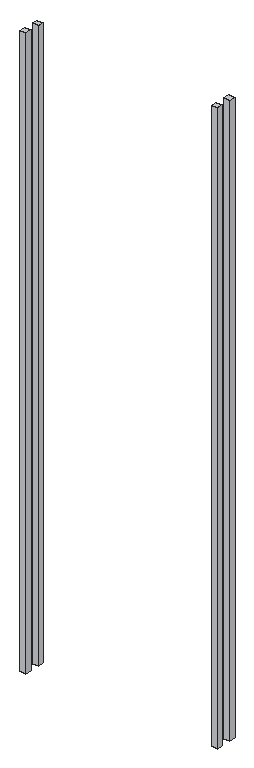
Revit family "M_Padrão do montante_3x1", category Modelos genéricos, Revit 2019
Family settings
  Pode hospedar o vergalhão = Não
  Cota do conector redondo = Utilizar diâmetro
  Tipo de parte = Normal
  Com base no plano de trabalho = Não
  Sempre na vertical = Sim
  Corte com vazios quando carregada = Não
  Compartilhado = Sim
  Ponto de cálculo do ambiente = Não
Parameters
  Largura [instance] = 1200 mm
  Espessura = 12.7 mm
  Altura [instance] = 1200 mm
  Material interior [instance] = none
  Material externo [instance] = none
  Distância = 19.05 mm
Reference planes
  plane 1 "Centro (Frente/Trás)": y = 0
  plane 2: z = 0
  plane 3 "Centro (Esquerda/Direita)": x = 0
  plane 4: z = 1200
  plane 5: x = -600
  plane 6: x = 600
  plane 7 "a": y = 9.525
  plane 8 "b": y = -9.525
  plane 9: y = 22.225
  plane 10: y = -22.225
  plane 11: x = 206.35
  plane 12: x = 193.65
  plane 13: x = 200
  plane 14: x = -193.65
  plane 15: x = -206.35
  plane 16: x = -200
Forms (mm)
  Extrusion 1, solid, material <- "Material externo", detail levels fine
    sketch origin (0, 9.525, 0) x (-1, 0, 0) y (0, 0, 1)
      loop
        line (193.65, 1200) -> (193.65, 0) -> (206.35, 0) -> (206.35, 1200) -> (193.65, 1200)
      loop
        line (-206.35, 1200) -> (-206.35, 0) -> (-193.65, 0) -> (-193.65, 1200) -> (-206.35, 1200)
    from 0 to 12.7
  Extrusion 2, solid, material <- "Material interior", detail levels fine
    sketch origin (0, -9.525, 0) x (-1, 0, 0) y (0, 0, 1)
      loop
        line (-206.35, 1200) -> (-206.35, 0) -> (-193.65, 0) -> (-193.65, 1200) -> (-206.35, 1200)
      loop
        line (193.65, 1200) -> (193.65, 0) -> (206.35, 0) -> (206.35, 1200) -> (193.65, 1200)
    from 0 to -12.7
Lines and regions (mm)
  model lines, detail levels medium
    curve 1: line (200, 9.525, 1200) -> (200, 9.525, 0)
    curve 2: line (-200, 9.525, 1200) -> (-200, 9.525, 0)
    curve 3: line (-200, -9.525, 1200) -> (-200, -9.525, 0)
    curve 4: line (200, -9.525, 1200) -> (200, -9.525, 0)
Dimensions and locks
  equal spacing: plane 6, plane 3 "Centro (Esquerda/Direita)", plane 5
  "Largura": plane 6 to plane 5
  "Altura": plane 4 to plane 2
  equal spacing: plane 7 "a", plane 1 "Centro (Frente/Trás)", plane 8 "b"
  "Distância": plane 7 "a" to plane 8 "b"
  "Espessura": plane 9 to plane 7 "a"
  "Espessura": plane 8 "b" to plane 10
  locked: plane 11 to plane 12 at 12.7
  equal spacing: plane 11, plane 13, plane 12
  equal spacing: plane 14, plane 16, plane 15
  locked: plane 14 to plane 15 at 12.7
  equal spacing: plane 6, plane 13, plane 16, plane 5
  aligned and locked: plane 2 to level
  aligned and locked: plane 4 to Extrusion 1 sketch curve  (x2)
  aligned and locked: Extrusion 1 sketch curve to plane 2  (x2)
  aligned and locked: plane 7 "a" to Extrusion 1  (x2)
  aligned and locked: plane 9 to Extrusion 1
  aligned and locked: curve 1 to plane 13
  aligned and locked: level to curve 1
  aligned and locked: plane 4 to curve 1
  aligned and locked: curve 2 to plane 16
  aligned and locked: level to curve 2
  aligned and locked: plane 4 to curve 2
  aligned and locked: Extrusion 2 sketch curve to plane 4  (x2)
  aligned and locked: Extrusion 2 sketch curve to plane 11
  aligned and locked: level to Extrusion 2 sketch curve  (x2)
  aligned and locked: Extrusion 2 sketch curve to plane 12
  aligned and locked: Extrusion 2 sketch curve to plane 14
  aligned and locked: Extrusion 2 sketch curve to plane 15
  aligned and locked: Extrusion 2 to plane 8 "b"
  aligned and locked: Extrusion 2 to plane 10
  aligned and locked: level to curve 3
  aligned and locked: curve 3 to plane 16
  aligned and locked: plane 4 to curve 3
  aligned and locked: level to curve 4
  aligned and locked: curve 4 to plane 13
  aligned and locked: plane 4 to curve 4
  aligned and locked: Extrusion 1 sketch curve to plane 15
  aligned and locked: Extrusion 1 sketch curve to plane 14
  aligned and locked: Extrusion 1 sketch curve to plane 11
  aligned and locked: plane 12 to Extrusion 1 sketch curve
